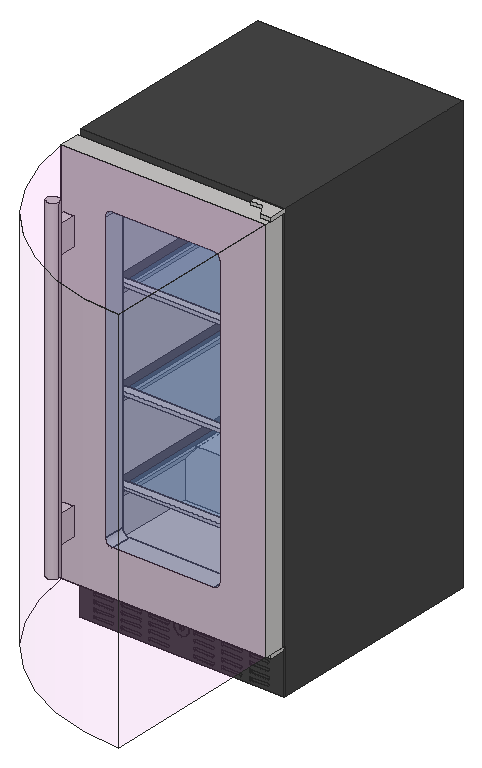
Revit family "QF_Summit_ASDG1521_ADA_Compliant_Beverage_Center", category Specialty Equipment, Revit 2020
Family settings
  Round Connector Dimension = Use Diameter
  Part Type = Normal
  Work Plane-Based = No
  Always vertical = Yes
  Cut with Voids When Loaded = No
  Shared = No
  Room Calculation Point = No
Parameters
  Weight in Pounds = 68
  Watts = if(Phase = 3, Volts * FL Amps * 1.73, Volts * FL Amps)  # 115 W
  Volts = 115 V
  URL Cutsheet = ""
  Specification by User = ""
  Specification by Manufacturer = ""
  Show RHD [instance] = yes
  Show LHD [instance] = not(Show RHD)  # no
  Show Kickplate Extension [instance] = no
  Show Feet [instance] = not(Show Kickplate Extension)  # yes
  Show Clearance [instance] = yes
  Serial Number = ""
  Seismic Rating = ""
  SMACNA No = ""
  Revision Code = ""
  Phase = 1
  Number of Poles = 1
  NAFEM Spec ID Number = ""
  Model = "ASDG1521"
  Min Ckt Ampacity = 0 A
  Max Overcurrent Protection = 0 A
  Masterspec = ""
  Manufacturer = "Summit"
  Length = 14 3/4"
  Item Number = ""
  Installed By = ""
  Identify Quantity as Lot = yes
  Height = 32"
  HP = ""
  Furnished By = ""
  Foodservice Equipment Identifier = yes
  FL Amps = 1 A
  Electrical Remarks = ""
  Electric Connection Type = ""
  Elec Conn RI Height = 0"
  Elec Conn Connection Height = 0"
  Description = "ADA Compliant Beverage Center"
  Depth = 17 3/4"
  Default Elevation = 0"
  Cycle = 60 Hz
  Conn Plug = ""
  Conn Conduit = yes
  CSI MasterFormat = ""
  Base Height [instance] = if(Show Feet, 1/2", if(Show Kickplate Extension, 2", 1/2"))  # 1/2"
  Apparent Power = if(Phase = 3, Volts * FL Amps * 1.73, Volts * FL Amps)  # 115 VA
Reference planes (in)
  plane 1 "BACK": y = 0
  plane 2: z = 0
  plane 3 "LEFT": x = 0
  plane 4 "RIGHT": x = 14.75
  plane 5 "FRONT": y = -17.75
  plane 6 "TOP": z = 32
  plane 7 "Center Y": x = 7.375
  plane 8 "Center X": y = -8.875
  plane 9 "Base Height": z = 0.5
  plane 10: y = -31
  plane 11: y = -16
  plane 12: y = -19.625
  plane 13: z = 3.75
Forms (in)
  Extrusion 1, solid, material "QF_Metal_Black"
    sketch origin (0, 0, 0.5) x (-1, 0, 0) y (0, -1, 0)
      loop
        line (0, 0) -> (0, 16) -> (-14.75, 16) -> (-14.75, 0) -> (0, 0)
    from 0 to 31.5
  Extrusion 2, solid, material "QF_Metal_Stainless_Polished"
    sketch origin (14.75, -16, 0.5) x (-1, 0, 0) y (0, 0, -1)
      loop
        line (14.75, -31.25) -> (14.75, -3.25) -> (0, -3.25) -> (0, -31.25) -> (14.75, -31.25)
      loop
        arc (3.25, -27.75) -> (3.39767, -28.10233) -> (3.75, -28.25) r 0.49827
        line (3.75, -28.25) -> (11, -28.24827)
        arc (11, -28.24827) -> (11.35233, -28.10233) -> (11.5, -27.75) r 0.49827
        line (11.5, -27.75) -> (11.5, -7)
        arc (11.5, -7) -> (11.35355, -6.64645) -> (11, -6.5) r 0.5
        line (11, -6.5) -> (3.75, -6.5)
        arc (3.75, -6.5) -> (3.39645, -6.64645) -> (3.25, -7) r 0.5
        line (3.25, -7) -> (3.25, -27.75)
    from 0.25 to 1.75
  Extrusion 3, void
    sketch origin (0, -0.11403, 0) x (0, 1, 0) y (0, 0, 1)
      loop
        line (-21.38597, 30) -> (-21.38597, 5.75) -> (-9.01097, 5.75) -> (-9.01097, 9.5) -> (-3.51097, 9.5) -> (-3.51097, 30) -> (-21.38597, 30)
    from 2 to 12.75
  Extrusion 4, solid, material "Glass"
    sketch origin (14.75, -17.75, 0.5) x (-1, 0, 0) y (0, 0, -1)
      loop
        arc (11.49927, -6.99995) -> (11.3529, -6.64659) -> (10.99954, -6.50023) r 0.49973
        line (10.99954, -6.50023) -> (3.75, -6.50023)
        arc (3.75, -6.50023) -> (3.39661, -6.64661) -> (3.25023, -7) r 0.49977
        line (3.25023, -7) -> (3.25023, -27.74984)
        arc (3.25023, -27.74984) -> (3.3965, -28.10299) -> (3.74965, -28.24927) r 0.49942
        line (3.74965, -28.24927) -> (11, -28.24927)
        arc (11, -28.24927) -> (11.35303, -28.10303) -> (11.49927, -27.75) r 0.49927
        line (11.49927, -27.75) -> (11.49927, -6.99995)
    from 0 to -1.5
  Extrusion 5, solid, material "QF_Metal_Black"
    sketch origin (14.75, -16, 0.5) x (-1, 0, 0) y (0, 0, -1)
      loop
        line (14.75, -3.25) -> (14.75, 0) -> (0, 0) -> (0, -3.25) -> (14.75, -3.25)
      loop
        arc (12.375, -2.768) -> (12.25, -2.893) -> (12.375, -3.018) r 0.125
        line (12.375, -3.018) -> (13.625, -3.018)
        arc (13.625, -3.018) -> (13.75, -2.893) -> (13.625, -2.768) r 0.125
        line (13.625, -2.768) -> (12.375, -2.768)
      loop
        arc (12.375, -2.264) -> (12.25, -2.389) -> (12.375, -2.514) r 0.125
        line (12.375, -2.514) -> (13.625, -2.514)
        arc (13.625, -2.514) -> (13.75, -2.389) -> (13.625, -2.264) r 0.125
        line (13.625, -2.264) -> (12.375, -2.264)
      loop
        arc (12.375, -1.76) -> (12.25, -1.885) -> (12.375, -2.01) r 0.125
        line (12.375, -2.01) -> (13.625, -2.01)
        arc (13.625, -2.01) -> (13.75, -1.885) -> (13.625, -1.76) r 0.125
        line (13.625, -1.76) -> (12.375, -1.76)
      loop
        arc (12.375, -1.258) -> (12.25, -1.383) -> (12.375, -1.508) r 0.125
        line (12.375, -1.508) -> (13.625, -1.508)
        arc (13.625, -1.508) -> (13.75, -1.383) -> (13.625, -1.258) r 0.125
        line (13.625, -1.258) -> (12.375, -1.258)
      loop
        arc (12.375, -0.754) -> (12.25, -0.879) -> (12.375, -1.004) r 0.125
        line (12.375, -1.004) -> (13.625, -1.004)
        arc (13.625, -1.004) -> (13.75, -0.879) -> (13.625, -0.754) r 0.125
        line (13.625, -0.754) -> (12.375, -0.754)
      loop
        arc (12.375, -0.25) -> (12.25, -0.375) -> (12.375, -0.5) r 0.125
        line (12.375, -0.5) -> (13.625, -0.5)
        arc (13.625, -0.5) -> (13.75, -0.375) -> (13.625, -0.25) r 0.125
        line (13.625, -0.25) -> (12.375, -0.25)
      loop
        arc (10.375, -2.768) -> (10.25, -2.893) -> (10.375, -3.018) r 0.125
        line (10.375, -3.018) -> (11.625, -3.018)
        arc (11.625, -3.018) -> (11.75, -2.893) -> (11.625, -2.768) r 0.125
        line (11.625, -2.768) -> (10.375, -2.768)
      loop
        arc (10.375, -2.264) -> (10.25, -2.389) -> (10.375, -2.514) r 0.125
        line (10.375, -2.514) -> (11.625, -2.514)
        arc (11.625, -2.514) -> (11.75, -2.389) -> (11.625, -2.264) r 0.125
        line (11.625, -2.264) -> (10.375, -2.264)
      loop
        arc (10.375, -1.76) -> (10.25, -1.885) -> (10.375, -2.01) r 0.125
        line (10.375, -2.01) -> (11.625, -2.01)
        arc (11.625, -2.01) -> (11.75, -1.885) -> (11.625, -1.76) r 0.125
        line (11.625, -1.76) -> (10.375, -1.76)
      loop
        arc (10.375, -1.258) -> (10.25, -1.383) -> (10.375, -1.508) r 0.125
        line (10.375, -1.508) -> (11.625, -1.508)
        arc (11.625, -1.508) -> (11.75, -1.383) -> (11.625, -1.258) r 0.125
        line (11.625, -1.258) -> (10.375, -1.258)
      loop
        arc (10.375, -0.754) -> (10.25, -0.879) -> (10.375, -1.004) r 0.125
        line (10.375, -1.004) -> (11.625, -1.004)
        arc (11.625, -1.004) -> (11.75, -0.879) -> (11.625, -0.754) r 0.125
        line (11.625, -0.754) -> (10.375, -0.754)
      loop
        arc (10.375, -0.25) -> (10.25, -0.375) -> (10.375, -0.5) r 0.125
        line (10.375, -0.5) -> (11.625, -0.5)
        arc (11.625, -0.5) -> (11.75, -0.375) -> (11.625, -0.25) r 0.125
        line (11.625, -0.25) -> (10.375, -0.25)
      loop
        arc (8.375, -2.768) -> (8.25, -2.893) -> (8.375, -3.018) r 0.125
        line (8.375, -3.018) -> (9.625, -3.018)
        arc (9.625, -3.018) -> (9.75, -2.893) -> (9.625, -2.768) r 0.125
        line (9.625, -2.768) -> (8.375, -2.768)
      loop
        arc (8.375, -2.264) -> (8.25, -2.389) -> (8.375, -2.514) r 0.125
        line (8.375, -2.514) -> (9.625, -2.514)
        arc (9.625, -2.514) -> (9.75, -2.389) -> (9.625, -2.264) r 0.125
        line (9.625, -2.264) -> (8.375, -2.264)
      loop
        arc (8.375, -1.76) -> (8.25, -1.885) -> (8.375, -2.01) r 0.125
        line (8.375, -2.01) -> (9.625, -2.01)
        arc (9.625, -2.01) -> (9.75, -1.885) -> (9.625, -1.76) r 0.125
        line (9.625, -1.76) -> (8.375, -1.76)
      loop
        arc (8.375, -1.258) -> (8.25, -1.383) -> (8.375, -1.508) r 0.125
        line (8.375, -1.508) -> (9.625, -1.508)
        arc (9.625, -1.508) -> (9.75, -1.383) -> (9.625, -1.258) r 0.125
        line (9.625, -1.258) -> (8.375, -1.258)
      loop
        arc (8.375, -0.754) -> (8.25, -0.879) -> (8.375, -1.004) r 0.125
        line (8.375, -1.004) -> (9.625, -1.004)
        arc (9.625, -1.004) -> (9.75, -0.879) -> (9.625, -0.754) r 0.125
        line (9.625, -0.754) -> (8.375, -0.754)
      loop
        arc (8.375, -0.25) -> (8.25, -0.375) -> (8.375, -0.5) r 0.125
        line (8.375, -0.5) -> (9.625, -0.5)
        arc (9.625, -0.5) -> (9.75, -0.375) -> (9.625, -0.25) r 0.125
        line (9.625, -0.25) -> (8.375, -0.25)
      loop
        arc (5.125, -2.768) -> (5, -2.893) -> (5.125, -3.018) r 0.125
        line (5.125, -3.018) -> (6.375, -3.018)
        arc (6.375, -3.018) -> (6.5, -2.893) -> (6.375, -2.768) r 0.125
        line (6.375, -2.768) -> (5.125, -2.768)
      loop
        arc (5.125, -2.264) -> (5, -2.389) -> (5.125, -2.514) r 0.125
        line (5.125, -2.514) -> (6.375, -2.514)
        arc (6.375, -2.514) -> (6.5, -2.389) -> (6.375, -2.264) r 0.125
        line (6.375, -2.264) -> (5.125, -2.264)
      loop
        arc (5.125, -1.76) -> (5, -1.885) -> (5.125, -2.01) r 0.125
        line (5.125, -2.01) -> (6.375, -2.01)
        arc (6.375, -2.01) -> (6.5, -1.885) -> (6.375, -1.76) r 0.125
        line (6.375, -1.76) -> (5.125, -1.76)
      loop
        arc (5.125, -1.258) -> (5, -1.383) -> (5.125, -1.508) r 0.125
        line (5.125, -1.508) -> (6.375, -1.508)
        arc (6.375, -1.508) -> (6.5, -1.383) -> (6.375, -1.258) r 0.125
        line (6.375, -1.258) -> (5.125, -1.258)
      loop
        arc (5.125, -0.754) -> (5, -0.879) -> (5.125, -1.004) r 0.125
        line (5.125, -1.004) -> (6.375, -1.004)
        arc (6.375, -1.004) -> (6.5, -0.879) -> (6.375, -0.754) r 0.125
        line (6.375, -0.754) -> (5.125, -0.754)
      loop
        arc (5.125, -0.25) -> (5, -0.375) -> (5.125, -0.5) r 0.125
        line (5.125, -0.5) -> (6.375, -0.5)
        arc (6.375, -0.5) -> (6.5, -0.375) -> (6.375, -0.25) r 0.125
        line (6.375, -0.25) -> (5.125, -0.25)
      loop
        arc (3.125, -2.768) -> (3, -2.893) -> (3.125, -3.018) r 0.125
        line (3.125, -3.018) -> (4.375, -3.018)
        arc (4.375, -3.018) -> (4.5, -2.893) -> (4.375, -2.768) r 0.125
        line (4.375, -2.768) -> (3.125, -2.768)
      loop
        arc (3.125, -2.264) -> (3, -2.389) -> (3.125, -2.514) r 0.125
        line (3.125, -2.514) -> (4.375, -2.514)
        arc (4.375, -2.514) -> (4.5, -2.389) -> (4.375, -2.264) r 0.125
        line (4.375, -2.264) -> (3.125, -2.264)
      loop
        arc (3.125, -1.76) -> (3, -1.885) -> (3.125, -2.01) r 0.125
        line (3.125, -2.01) -> (4.375, -2.01)
        arc (4.375, -2.01) -> (4.5, -1.885) -> (4.375, -1.76) r 0.125
        line (4.375, -1.76) -> (3.125, -1.76)
      loop
        arc (3.125, -1.258) -> (3, -1.383) -> (3.125, -1.508) r 0.125
        line (3.125, -1.508) -> (4.375, -1.508)
        arc (4.375, -1.508) -> (4.5, -1.383) -> (4.375, -1.258) r 0.125
        line (4.375, -1.258) -> (3.125, -1.258)
      loop
        arc (3.125, -0.754) -> (3, -0.879) -> (3.125, -1.004) r 0.125
        line (3.125, -1.004) -> (4.375, -1.004)
        arc (4.375, -1.004) -> (4.5, -0.879) -> (4.375, -0.754) r 0.125
        line (4.375, -0.754) -> (3.125, -0.754)
      loop
        arc (3.125, -0.25) -> (3, -0.375) -> (3.125, -0.5) r 0.125
        line (3.125, -0.5) -> (4.375, -0.5)
        arc (4.375, -0.5) -> (4.5, -0.375) -> (4.375, -0.25) r 0.125
        line (4.375, -0.25) -> (3.125, -0.25)
      loop
        arc (1.125, -2.768) -> (1, -2.893) -> (1.125, -3.018) r 0.125
        line (1.125, -3.018) -> (2.375, -3.018)
        arc (2.375, -3.018) -> (2.5, -2.893) -> (2.375, -2.768) r 0.125
        line (2.375, -2.768) -> (1.125, -2.768)
      loop
        arc (1.125, -2.264) -> (1, -2.389) -> (1.125, -2.514) r 0.125
        line (1.125, -2.514) -> (2.375, -2.514)
        arc (2.375, -2.514) -> (2.5, -2.389) -> (2.375, -2.264) r 0.125
        line (2.375, -2.264) -> (1.125, -2.264)
      loop
        arc (1.125, -1.76) -> (1, -1.885) -> (1.125, -2.01) r 0.125
        line (1.125, -2.01) -> (2.375, -2.01)
        arc (2.375, -2.01) -> (2.5, -1.885) -> (2.375, -1.76) r 0.125
        line (2.375, -1.76) -> (1.125, -1.76)
      loop
        arc (1.125, -1.258) -> (1, -1.383) -> (1.125, -1.508) r 0.125
        line (1.125, -1.508) -> (2.375, -1.508)
        arc (2.375, -1.508) -> (2.5, -1.383) -> (2.375, -1.258) r 0.125
        line (2.375, -1.258) -> (1.125, -1.258)
      loop
        arc (1.125, -0.754) -> (1, -0.879) -> (1.125, -1.004) r 0.125
        line (1.125, -1.004) -> (2.375, -1.004)
        arc (2.375, -1.004) -> (2.5, -0.879) -> (2.375, -0.754) r 0.125
        line (2.375, -0.754) -> (1.125, -0.754)
      loop
        arc (1.125, -0.25) -> (1, -0.375) -> (1.125, -0.5) r 0.125
        line (1.125, -0.5) -> (2.375, -0.5)
        arc (2.375, -0.5) -> (2.5, -0.375) -> (2.375, -0.25) r 0.125
        line (2.375, -0.25) -> (1.125, -0.25)
      loop
        circle (7.375, -1.885) r 0.5625
    from 0 to 0.0625
  Extrusion 6, solid, material "QF_Rubber - Black - Smooth"
    sketch origin (14.75, -16, 0.5) x (-1, 0, 0) y (0, 0, -1)
      loop
        line (14.5625, -3.4375) -> (0.1875, -3.4375) -> (0.1875, -31.0625) -> (14.5625, -31.0625) -> (14.5625, -3.4375)
      loop
        line (13.5625, -4.4375) -> (1.1875, -4.4375) -> (1.1875, -30.0625) -> (13.5625, -30.0625) -> (13.5625, -4.4375)
    from 0 to 0.25
  Extrusion 7, solid, material "QF_Metal - Stainless - Polished", visible <- "Show RHD"
    sketch origin (0, 0, 32) x (-1, 0, 0) y (0, -1, 0)
      loop
        line (-14.75, 16) -> (-12.625, 16) -> (-12.625, 16.4375) -> (-13.5, 16.4375) -> (-14, 17.25) -> (-14.75, 17.25) -> (-14.75, 16)
    from 0 to -0.25
  Extrusion 8, solid, material "QF_Metal - Stainless - Polished", visible <- "Show RHD"
    sketch origin (-5.70957, -180, 3.75) x (-1, 0, 0) y (0, -1, 0)
      loop
        line (-20.45957, -164) -> (-18.33457, -164) -> (-18.33457, -163.5625) -> (-19.20957, -163.5625) -> (-19.70957, -162.75) -> (-20.45957, -162.75) -> (-20.45957, -164)
    from 0 to -0.25
  Extrusion 9, solid, material "QF_Metal_Black"
    sketch origin (14.75, -16.0625, 0.5) x (-1, 0, 0) y (0, 0, -1)
      loop
        circle (7.375, -1.885) r 0.5
      loop
        arc (7.39929, -2.07097) -> (7.56261, -1.88507) -> (7.39929, -1.69917) r 0.18746
        line (7.39929, -1.69917) -> (7.39929, -2.07097)
      loop
        line (7.34982, -2.07069) -> (7.34982, -1.69923)
        arc (7.34982, -1.69923) -> (7.1877, -1.88496) -> (7.34982, -2.07069) r 0.18745
    from -0.0625 to 0
  Extrusion 10, solid, material "QF_Rubber - Black - Smooth"
    sketch origin (0, 0, 0.5) x (1, 0, 0) y (0, 0, -1)
      loop
        circle (14.00256, -1) r 0.25
    from 0 to 0.0625
  Extrusion 11, solid, material "QF_Metal - Stainless - Polished", visible <- "Show RHD"
    sketch origin (0, 0, 0.5) x (-1, 0, 0) y (0, -1, 0)
      loop
        circle (-0.56375, 19.18625) r 0.43625
    from 4.25 to 28.5
  Extrusion 12, solid, material "QF_Metal - Stainless - Polished", visible <- "Show RHD"
    sketch origin (14.37375, -17.75, 0.5) x (-1, 0, 0) y (0, 0, -1)
      loop
        line (13.44, -25) -> (13.44, -27) -> (14.19, -27) -> (14.19, -25) -> (13.44, -25)
      loop
        line (13.43875, -8.25) -> (14.18875, -8.25) -> (14.18563, -6.25) -> (13.43813, -6.25) -> (13.43875, -8.25)
    from 0 to 1.43625
  Extrusion 13, solid, material "QF_Metal_Black"
    sketch origin (14.75, -16, 0.5) x (-1, 0, 0) y (0, 0, -1)
      loop
        line (12.75, -29.5) -> (12.75, -27.75) -> (2, -27.75) -> (2, -29.5) -> (12.75, -29.5)
    from 0 to -0.25
  Revolve 14, solid, material "QF_Metal - Stainless - Polished", visible <- "Show Feet"
    sketch origin (0, -1.6875, 0) x (1, 0, 0) y (0, 0, 1)
      loop
        line (13.04811, 0.5) -> (12.86061, 0.5) -> (12.86061, 0.375) -> (12.48213, 0.375)
        arc (12.48213, 0.375) -> (12.44398, 0.35732) -> (12.43281, 0.31678) r 0.05
        line (12.43281, 0.31678) -> (12.47865, 0.04178)
        arc (12.47865, 0.04178) -> (12.49565, 0.01185) -> (12.52797, 0) r 0.05
        line (12.52797, 0) -> (13.04811, 0) -> (13.04811, 0.5)
      axis (13.04811, 0) -> (13.04811, 0.5)
    angle from 0 to 360
  Revolve 15, solid, material "QF_Metal - Stainless - Polished", visible <- "Show Feet"
    sketch origin (0, -14.3125, 0) x (1, 0, 0) y (0, 0, 1)
      loop
        line (13.04811, 0.5) -> (12.86061, 0.5) -> (12.86061, 0.375) -> (12.48213, 0.375)
        arc (12.48213, 0.375) -> (12.44398, 0.35732) -> (12.43281, 0.31678) r 0.05
        line (12.43281, 0.31678) -> (12.47865, 0.04178)
        arc (12.47865, 0.04178) -> (12.49565, 0.01185) -> (12.52797, 0) r 0.05
        line (12.52797, 0) -> (13.04811, 0) -> (13.04811, 0.5)
      axis (13.04811, 0) -> (13.04811, 0.5)
    angle from 0 to 360
  Revolve 16, solid, material "QF_Metal - Stainless - Polished", visible <- "Show Feet"
    sketch origin (-11.29811, -1.6875, 0) x (1, 0, 0) y (0, 0, 1)
      loop
        line (13.04811, 0.5) -> (12.86061, 0.5) -> (12.86061, 0.375) -> (12.48213, 0.375)
        arc (12.48213, 0.375) -> (12.44398, 0.35732) -> (12.43281, 0.31678) r 0.05
        line (12.43281, 0.31678) -> (12.47865, 0.04178)
        arc (12.47865, 0.04178) -> (12.49565, 0.01185) -> (12.52797, 0) r 0.05
        line (12.52797, 0) -> (13.04811, 0) -> (13.04811, 0.5)
      axis (13.04811, 0) -> (13.04811, 0.5)
    angle from 0 to 360
  Revolve 17, solid, material "QF_Metal - Stainless - Polished", visible <- "Show Feet"
    sketch origin (-11.29811, -14.3125, 0) x (1, 0, 0) y (0, 0, 1)
      loop
        line (13.04811, 0.5) -> (12.86061, 0.5) -> (12.86061, 0.375) -> (12.48213, 0.375)
        arc (12.48213, 0.375) -> (12.44398, 0.35732) -> (12.43281, 0.31678) r 0.05
        line (12.43281, 0.31678) -> (12.47865, 0.04178)
        arc (12.47865, 0.04178) -> (12.49565, 0.01185) -> (12.52797, 0) r 0.05
        line (12.52797, 0) -> (13.04811, 0) -> (13.04811, 0.5)
      axis (13.04811, 0) -> (13.04811, 0.5)
    angle from 0 to 360
  Extrusion 18, solid, material "QF_Clearances_Door_Drawer", visible <- "Show RHD"
    sketch origin (0, 0, 0.5) x (-1, 0, 0) y (0, -1, 0)
      loop
        arc (-0.07647, 17.75) -> (-4.86472, 27.19732) -> (-14.75, 31) r 14.75
        line (-14.75, 31) -> (-14.75, 17.75) -> (-0.07647, 17.75)
    from 3.25 to 31.25
  Extrusion 19, solid, material "QF_Metal - Stainless - Polished"
    sketch origin (0, -3.625, 30) x (0, 0, -1) y (1, 0, 0)
      loop
        line (7.375, 2) -> (8.49343, 2) -> (7.6049, 2.75) -> (7.375, 2.75) -> (7.375, 2)
      loop
        line (14.375, 2) -> (15.49343, 2) -> (14.6049, 2.75) -> (14.375, 2.75) -> (14.375, 2)
      loop
        line (20.5, 2) -> (21.61843, 2) -> (20.7299, 2.75) -> (20.5, 2.75) -> (20.5, 2)
      loop
        line (7.375, 12.75) -> (7.375, 12) -> (7.6049, 12) -> (8.49343, 12.75) -> (7.375, 12.75)
      loop
        line (14.375, 12.75) -> (14.375, 12) -> (14.6049, 12) -> (15.49343, 12.75) -> (14.375, 12.75)
      loop
        line (20.5, 12.75) -> (20.5, 12) -> (20.7299, 12) -> (21.61843, 12.75) -> (20.5, 12.75)
    from 0 to 12
  Extrusion 20, solid, material "QF_Metal_Black"
    sketch origin (0, -3.625, 30) x (0, 0, -1) y (1, 0, 0)
      loop
        circle (3.99969, 7.375) r 1.96477
      loop
        circle (3.99969, 7.375) r 1.90227
      loop
        circle (3.99969, 7.41023) r 1.625
      loop
        circle (3.99969, 7.41023) r 1.25
      loop
        circle (3.99969, 7.41023) r 0.875
      loop
        circle (3.99969, 7.41023) r 0.5
      loop
        circle (3.99969, 7.41023) r 1.5625
      loop
        circle (3.99969, 7.41023) r 1.1875
      loop
        circle (3.99969, 7.41023) r 0.8125
    from 0.125 to 0.25
  Extrusion 21, solid, material "QF_Metal_Black"
    sketch origin (0, -3.625, 30) x (0, 0, -1) y (1, 0, 0)
      loop
        arc (3.50791, 7.31995) -> (3.05061, 6.88738) -> (2.99599, 6.26028) r 0.88604
        arc (2.99599, 6.26028) -> (3.28366, 5.90563) -> (3.73889, 5.86965) r 0.57918
        arc (3.73889, 5.86965) -> (3.92804, 6.09061) -> (3.82424, 6.36231) r 0.28455
        arc (3.82424, 6.36231) -> (3.67217, 6.57301) -> (3.65323, 6.83216) r 0.47652
        arc (3.65323, 6.83216) -> (3.68313, 6.91495) -> (3.73523, 6.9859) r 0.30803
        arc (3.73523, 6.9859) -> (3.97538, 6.91083) -> (4.22168, 6.96222) r 0.5
        arc (4.22168, 6.96222) -> (4.80298, 6.68934) -> (5.41594, 6.88079) r 0.88604
        arc (5.41594, 6.88079) -> (5.63166, 7.28327) -> (5.4887, 7.71697) r 0.57918
        arc (5.4887, 7.71697) -> (5.21177, 7.80589) -> (5.00138, 7.60505) r 0.28455
        arc (5.00138, 7.60505) -> (4.86594, 7.3833) -> (4.6343, 7.26557) r 0.47652
        arc (4.6343, 7.26557) -> (4.55704, 7.2603) -> (4.48091, 7.27447) r 0.30803
        arc (4.48091, 7.27447) -> (4.49497, 7.34171) -> (4.49969, 7.41023) r 0.5
        arc (4.49969, 7.41023) -> (4.44074, 7.64576) -> (4.27781, 7.82575) r 0.5
        arc (4.27781, 7.82575) -> (4.21448, 8.43492) -> (3.77116, 8.85749) r 0.88604
        arc (3.77116, 8.85749) -> (3.31451, 8.85901) -> (2.9987, 8.52917) r 0.57918
        arc (2.9987, 8.52917) -> (3.0502, 8.24291) -> (3.3263, 8.15144) r 0.28455
        arc (3.3263, 8.15144) -> (3.58568, 8.13596) -> (3.79838, 7.9867) r 0.47652
        arc (3.79838, 7.9867) -> (3.82984, 7.93982) -> (3.85221, 7.88799) r 0.30803
        arc (3.85221, 7.88799) -> (3.5721, 7.66941) -> (3.50791, 7.31995) r 0.5
    from 0 to 0.0625
  Extrusion 22, solid, material "QF_Metal - Stainless - Polished", visible <- "Show LHD"
    sketch origin (14.75, 0, 32) x (1, 0, 0) y (0, 1, 0)
      loop
        line (-14.75, -16) -> (-14.75, -17.25) -> (-14, -17.25) -> (-13.5, -16.4375) -> (-12.625, -16.4375) -> (-12.625, -16) -> (-14.75, -16)
    from 0 to -0.25
  Extrusion 23, solid, material "QF_Metal - Stainless - Polished", visible <- "Show LHD"
    sketch origin (20.45957, -180, 3.75) x (1, 0, 0) y (0, 1, 0)
      loop
        line (-20.45957, 164) -> (-20.45957, 162.75) -> (-19.70957, 162.75) -> (-19.20957, 163.5625) -> (-18.33457, 163.5625) -> (-18.33457, 164) -> (-20.45957, 164)
    from 0 to -0.25
  Extrusion 24, solid, material "QF_Metal - Stainless - Polished", visible <- "Show LHD"
    sketch origin (14.75, 0, 0.5) x (1, 0, 0) y (0, 1, 0)
      loop
        circle (-0.56375, -19.18625) r 0.43625
    from 4.25 to 28.5
  Extrusion 25, solid, material "QF_Metal - Stainless - Polished", visible <- "Show LHD"
    sketch origin (0.37625, -17.75, 0.5) x (1, 0, 0) y (0, 0, 1)
      loop
        line (13.44, 25) -> (14.19, 25) -> (14.19, 27) -> (13.44, 27) -> (13.44, 25)
      loop
        line (13.43875, 8.25) -> (13.43813, 6.25) -> (14.18563, 6.25) -> (14.18875, 8.25) -> (13.43875, 8.25)
    from 0 to 1.43625
  Extrusion 26, solid, material "QF_Clearances_Door_Drawer", visible <- "Show LHD"
    sketch origin (14.75, 0, 0.5) x (1, 0, 0) y (0, 1, 0)
      loop
        line (-0.07647, -17.75) -> (-14.75, -17.75) -> (-14.75, -31)
        arc (-14.75, -31) -> (-4.86472, -27.19732) -> (-0.07647, -17.75) r 14.75
    from 3.25 to 31.25
Cuts and joins
  Extrusion 3 cuts Extrusion 1
  joined: Extrusion 11, Extrusion 12
Lines and regions (in)
  symbolic lines
    curve 1: line (0, 0, 0.5) -> (14.75, 0, 0.5)
    curve 2: line (0, -16, 0.5) -> (0, 0, 0.5)
    curve 3: line (14.75, -16, 0.5) -> (0, -16, 0.5)
    curve 4: line (14.75, 0, 0.5) -> (14.75, -16, 0.5)
  symbolic lines, visible <- "Show RHD"
    curve 5: line (0, -16.25, 0.5) -> (12.625, -16.25, 0.5)
    curve 6: line (0, -17.75, 0.5) -> (0, -16.25, 0.5)
    curve 7: line (14.75, -17.75, 0.5) -> (0, -17.75, 0.5)
    curve 8: line (12.625, -16, 0.5) -> (12.625, -16.4375, 0.5)
    curve 9: line (12.625, -16.4375, 0.5) -> (13.5, -16.4375, 0.5)
    curve 10: line (13.5, -16.4375, 0.5) -> (14, -17.25, 0.5)
    curve 11: line (14, -17.25, 0.5) -> (14.75, -17.25, 0.5)
    curve 12: line (0.1875, -16, 0.5) -> (0.1875, -16.25, 0.5)
    curve 13: line (0.18375, -17.75, 0.5) -> (0.18375, -18.97197, 0.5)
    curve 14: line (0.93375, -17.75, 0.5) -> (0.93375, -18.95514, 0.5)
    curve 15: arc (1, -19.18625, 0.5) -> (0.56375, -18.75, 0.5) -> (0.1275, -19.18625, 0.5) r 0.43625
    curve 16: arc (0.1275, -19.18625, 0.5) -> (0.56375, -19.6225, 0.5) -> (1, -19.18625, 0.5) r 0.43625
    curve 29: line (14.75, -16, 0.5) -> (14.75, -17.75, 0.5)
  symbolic lines, style "QF_Clearances_Door_Drawer", visible <- "Show RHD"
    curve 17: arc (0.07647, -17.75, 0.5) -> (0.92911, -21.40222, 0.5) -> (2.67528, -24.72134, 0.5) r 14.75
    curve 18: line (14.75, -17.75, 0.5) -> (2.67528, -24.72134, 0.5)
  symbolic lines, visible <- "Show LHD"
    curve 19: line (2.125, -16, 0.5) -> (2.125, -16.4375, 0.5)
    curve 20: line (2.125, -16.4375, 0.5) -> (1.25, -16.4375, 0.5)
    curve 21: line (1.25, -16.4375, 0.5) -> (0.75, -17.25, 0.5)
    curve 22: line (0.75, -17.25, 0.5) -> (0, -17.25, 0.5)
    curve 23: line (14.56625, -17.75, 0.5) -> (14.56625, -18.97197, 0.5)
    curve 24: line (13.81625, -17.75, 0.5) -> (13.81625, -18.95514, 0.5)
    curve 25: arc (13.75, -19.18625, 0.5) -> (14.18625, -18.75, 0.5) -> (14.6225, -19.18625, 0.5) r 0.43625
    curve 26: arc (14.6225, -19.18625, 0.5) -> (14.18625, -19.6225, 0.5) -> (13.75, -19.18625, 0.5) r 0.43625
    curve 30: line (14.75, -16.25, 0.5) -> (2.125, -16.25, 0.5)
    curve 31: line (14.75, -17.75, 0.5) -> (14.75, -16.25, 0.5)
    curve 32: line (0, -17.75, 0.5) -> (14.75, -17.75, 0.5)
    curve 33: line (0, -16, 0.5) -> (0, -17.75, 0.5)
    curve 34: line (14.5625, -16, 0.5) -> (14.5625, -16.25, 0.5)
  symbolic lines, style "QF_Clearances_Door_Drawer", visible <- "Show LHD"
    curve 27: arc (14.67353, -17.75, 0.5) -> (13.82089, -21.40222, 0.5) -> (12.07472, -24.72134, 0.5) r 14.75
    curve 28: line (0, -17.75, 0.5) -> (12.07472, -24.72134, 0.5)
Dimensions and locks (in)
  equal spacing: plane 3 "LEFT", plane 7 "Center Y", plane 4 "RIGHT"
  "Length": plane 3 "LEFT" to plane 4 "RIGHT"
  equal spacing: plane 5 "FRONT", plane 8 "Center X", plane 1 "BACK"
  "Depth": plane 5 "FRONT" to plane 1 "BACK"
  plane 6 "TOP" to level = 32"
  "Base Height": plane 9 "Base Height" to level
  plane 10 to plane 1 "BACK" = 31"
  plane 11 to plane 1 "BACK" = 16"
  plane 12 to plane 5 "FRONT" = 1 7/8"
  plane 13 to plane 9 "Base Height" = 3 1/4"
  locked: plane 6 "TOP" to plane 9 "Base Height" at 31.5
  cut or joined group of Extrusion 1, Extrusion 3 to cut or joined group of Extrusion 1, Extrusion 3 = 10 3/4"
  cut or joined group of Extrusion 1, Extrusion 3 to Extrusion 19 = 12"
  aligned and locked: level to plane 2
Automatic sketch dimensions
  plane 1 "BACK" to Extrusion 1 sketch curve = 0"
  Extrusion 1 sketch curve to plane 4 "RIGHT" = 0"
  Extrusion 1 sketch curve to plane 3 "LEFT" = 0"
  Extrusion 1 sketch curve to plane 11 = 0"
  Extrusion 2 sketch curve to Extrusion 1 = 0"  (x2)
  Extrusion 2 sketch curve to Extrusion 1 = 3 1/4"
  Extrusion 2 sketch curve to Extrusion 2 sketch curve = 1/2"  (x3)
  Extrusion 1 to Extrusion 2 sketch curve = 3 3/4"  (x4)
  Extrusion 1 to Extrusion 2 sketch curve = 1/4"
  Extrusion 1 to Extrusion 2 sketch curve = 7"
  Extrusion 1 to Extrusion 2 sketch curve = 3 1/4"
  Extrusion 2 sketch curve to Extrusion 2 sketch curve = 0.00173"  (x3)
  Extrusion 2 sketch curve to Extrusion 2 sketch curve = 0"  (x4)
  Extrusion 3 sketch curve to plane 12 = 1 7/8"
  Extrusion 3 sketch curve to plane 8 "Center X" = 1/4"
  plane 1 "BACK" to Extrusion 3 sketch curve = 3 5/8"
  plane 13 to Extrusion 3 sketch curve = 2"
  Extrusion 3 sketch curve to Extrusion 3 sketch curve = 3 3/4"
  Extrusion 3 sketch curve to plane 6 "TOP" = 2"
  Extrusion 4 sketch curve to Extrusion 4 sketch curve = 0.49942"
  Extrusion 2 to Extrusion 4 sketch curve = 0.50046"
  Extrusion 5 sketch curve to Extrusion 5 sketch curve = 0"  (x56)
  Extrusion 5 sketch curve to Extrusion 1 = 0"  (x3)
  Extrusion 5 sketch curve to Extrusion 1 = 1 1/8"  (x2)
  Extrusion 1 to Extrusion 5 sketch curve = 1/4"  (x6)
  Extrusion 5 sketch curve to Extrusion 5 sketch curve = 1 1/4"  (x5)
  Extrusion 5 sketch curve to Extrusion 5 sketch curve = 3/4"  (x8)
  Extrusion 5 sketch curve to Extrusion 5 sketch curve = 1"  (x3)
  Extrusion 1 to Extrusion 5 sketch curve = 3/8"
  Extrusion 1 to Extrusion 5 sketch curve = 1 1/8"
  Extrusion 5 sketch curve to Extrusion 5 sketch curve = 1/4"  (x5)
  Extrusion 5 sketch curve to Extrusion 5 sketch curve = 0.254"  (x24)
  Extrusion 5 sketch curve to Extrusion 5 sketch curve = 1/8"  (x31)
  Extrusion 5 sketch curve to Extrusion 5 sketch curve = 0.252"  (x6)
  Extrusion 5 sketch curve to Extrusion 5 sketch curve = 0.232"
  Extrusion 5 sketch curve to Extrusion 5 sketch curve = 7/16"
  Extrusion 6 sketch curve to Extrusion 1 = 3/16"
  Extrusion 6 sketch curve to Extrusion 1 = 1 3/16"
  Extrusion 1 to Extrusion 6 sketch curve = 1 3/16"
  Extrusion 1 to Extrusion 6 sketch curve = 3/16"
  Extrusion 1 to Extrusion 6 sketch curve = 7/16"
  Extrusion 6 sketch curve to Extrusion 6 sketch curve = 1"  (x2)
  Extrusion 1 to Extrusion 6 sketch curve = 4 7/16"
  Extrusion 7 sketch curve to Extrusion 1 = 0"
  Extrusion 1 to Extrusion 7 sketch curve = 0"
  Extrusion 7 sketch curve to Extrusion 1 = 3/4"
  Extrusion 1 to Extrusion 7 sketch curve = 7/16"
  Extrusion 7 sketch curve to Extrusion 7 sketch curve = 1/2"
  Extrusion 7 sketch curve to Extrusion 7 sketch curve = 7/8"
  Extrusion 7 sketch curve to Extrusion 7 sketch curve = 1 1/4"
  Extrusion 8 sketch curve to plane 4 "RIGHT" = 0"
  Extrusion 8 sketch curve to plane 11 = 0"
  plane 4 "RIGHT" to Extrusion 8 sketch curve = 3/4"
  Extrusion 8 sketch curve to plane 11 = 7/16"
  Extrusion 8 sketch curve to Extrusion 8 sketch curve = 1/2"
  Extrusion 8 sketch curve to Extrusion 8 sketch curve = 7/8"
  Extrusion 8 sketch curve to plane 5 "FRONT" = 1/2"
  Extrusion 9 sketch curve to Extrusion 5 = 0.06069"
  Extrusion 9 sketch curve to Extrusion 9 sketch curve = 0.02518"
  Extrusion 9 sketch curve to Extrusion 9 sketch curve = 0.00015"
  Extrusion 9 sketch curve to Extrusion 9 sketch curve = 0"
  Extrusion 9 sketch curve to Extrusion 9 sketch curve = 0.04947"
  Extrusion 9 sketch curve to Extrusion 9 sketch curve = 0.00028"
  Extrusion 9 sketch curve to Extrusion 9 sketch curve = 0.00007"
  Extrusion 9 sketch curve to Extrusion 9 sketch curve = 0.00011"
  Extrusion 10 sketch curve to Extrusion 1 = 0.74744"
  Extrusion 1 to Extrusion 10 sketch curve = 1"
  Extrusion 12 sketch curve to Extrusion 2 = 1/4"
  Extrusion 12 sketch curve to Extrusion 2 = 0.93562"
  Extrusion 12 sketch curve to Extrusion 2 = 0.935"
  Extrusion 12 sketch curve to Extrusion 2 = 0.93375"
  Extrusion 12 sketch curve to Extrusion 2 = 0.18812"
  Extrusion 12 sketch curve to Extrusion 2 = 0.185"
  Extrusion 12 sketch curve to Extrusion 2 = 0.18375"
  Extrusion 2 to Extrusion 12 sketch curve = 1 3/4"
  Extrusion 2 to Extrusion 12 sketch curve = 3 1/4"
  Extrusion 2 to Extrusion 12 sketch curve = 1 1/4"
  Extrusion 13 sketch curve to Extrusion 1 = 2"
  Extrusion 1 to Extrusion 13 sketch curve = 2"  (x2)
  Extrusion 13 sketch curve to Extrusion 13 sketch curve = 1 3/4"
  Revolve 14 sketch curve to level = 0"
  Revolve 14 sketch curve to plane 9 "Base Height" = 0"  (x2)
  Revolve 14 sketch curve to plane 9 "Base Height" = 0.18322"
  plane 4 "RIGHT" to Revolve 14 sketch curve = 2.31719"
  level to Revolve 14 sketch curve = 0.04178"
  Revolve 14 sketch curve to Revolve 14 sketch curve = 0.04583"
  Revolve 14 sketch curve to Revolve 14 sketch curve = 0.04932"  (x2)
  Revolve 14 sketch curve to Revolve 14 sketch curve = 0.37848"
  Revolve 14 sketch curve to Revolve 14 sketch curve = 3/16"
  Revolve 14 sketch curve to Revolve 14 sketch curve = 0.00822"
  Revolve 14 sketch curve to Revolve 14 sketch curve = 0"
  Revolve 14 sketch curve to Revolve 14 sketch curve = 0.13117"
  Revolve 15 sketch curve to level = 0"
  Revolve 15 sketch curve to plane 9 "Base Height" = 0"  (x2)
  Revolve 15 sketch curve to plane 9 "Base Height" = 0.18322"
  plane 4 "RIGHT" to Revolve 15 sketch curve = 2.31719"
  level to Revolve 15 sketch curve = 0.04178"
  Revolve 15 sketch curve to Revolve 15 sketch curve = 0.04583"
  Revolve 15 sketch curve to Revolve 15 sketch curve = 0.04932"  (x2)
  Revolve 15 sketch curve to Revolve 15 sketch curve = 0.37848"
  Revolve 15 sketch curve to Revolve 15 sketch curve = 3/16"
  Revolve 15 sketch curve to Revolve 15 sketch curve = 0.00822"
  Revolve 15 sketch curve to Revolve 15 sketch curve = 0"
  Revolve 15 sketch curve to Revolve 15 sketch curve = 0.13117"
  Revolve 16 sketch curve to level = 0"
  Revolve 16 sketch curve to plane 9 "Base Height" = 0"  (x2)
  Revolve 16 sketch curve to plane 9 "Base Height" = 0.18322"
  plane 3 "LEFT" to Revolve 16 sketch curve = 1.1347"
  level to Revolve 16 sketch curve = 0.04178"
  Revolve 16 sketch curve to Revolve 16 sketch curve = 0.04583"
  Revolve 16 sketch curve to Revolve 16 sketch curve = 0.04932"  (x2)
  Revolve 16 sketch curve to Revolve 16 sketch curve = 0.37848"
  Revolve 16 sketch curve to Revolve 16 sketch curve = 3/16"
  Revolve 16 sketch curve to Revolve 16 sketch curve = 0.00822"
  Revolve 16 sketch curve to Revolve 16 sketch curve = 0"
  Revolve 16 sketch curve to Revolve 16 sketch curve = 0.13117"
  Revolve 17 sketch curve to level = 0"
  Revolve 17 sketch curve to plane 9 "Base Height" = 0"  (x2)
  Revolve 17 sketch curve to plane 9 "Base Height" = 0.18322"
  plane 3 "LEFT" to Revolve 17 sketch curve = 1.1347"
  level to Revolve 17 sketch curve = 0.04178"
  Revolve 17 sketch curve to Revolve 17 sketch curve = 0.04583"
  Revolve 17 sketch curve to Revolve 17 sketch curve = 0.04932"  (x2)
  Revolve 17 sketch curve to Revolve 17 sketch curve = 0.37848"
  Revolve 17 sketch curve to Revolve 17 sketch curve = 3/16"
  Revolve 17 sketch curve to Revolve 17 sketch curve = 0.00822"
  Revolve 17 sketch curve to Revolve 17 sketch curve = 0"
  Revolve 17 sketch curve to Revolve 17 sketch curve = 0.13117"
  Extrusion 18 sketch curve to plane 4 "RIGHT" = 0"
  plane 5 "FRONT" to Extrusion 18 sketch curve = 0"
  Extrusion 18 sketch curve to plane 10 = 0"
  plane 3 "LEFT" to Extrusion 18 sketch curve = 0.07647"
  Extrusion 19 sketch curve to Extrusion 3 = 0"  (x4)
  Extrusion 3 to Extrusion 19 sketch curve = 0"  (x4)
  Extrusion 3 to Extrusion 19 sketch curve = 5.00657"  (x2)
  Extrusion 3 to Extrusion 19 sketch curve = 3/4"  (x6)
  Extrusion 19 sketch curve to Extrusion 19 sketch curve = 0.88852"  (x4)
  Extrusion 19 sketch curve to Extrusion 19 sketch curve = 0.2299"  (x6)
  Extrusion 19 sketch curve to Extrusion 19 sketch curve = 5.88157"  (x2)
  Extrusion 19 sketch curve to Extrusion 19 sketch curve = 1.11843"  (x2)
  Extrusion 20 sketch curve to Extrusion 20 sketch curve = 0"  (x45)
  Extrusion 3 to Extrusion 20 sketch curve = 3.99969"
  Extrusion 3 to Extrusion 20 sketch curve = 5 3/8"
  Extrusion 20 sketch curve to Extrusion 20 sketch curve = 0.03523"
  Extrusion 21 sketch curve to Extrusion 21 sketch curve = 0"  (x22)
  Extrusion 3 to Extrusion 21 sketch curve = 3.26516"
  Extrusion 21 sketch curve to Extrusion 21 sketch curve = 0.154"
  Extrusion 21 sketch curve to Extrusion 21 sketch curve = 0.00952"
  Extrusion 21 sketch curve to Extrusion 21 sketch curve = 0.27591"
  Extrusion 21 sketch curve to Extrusion 21 sketch curve = 0.12453"
  Extrusion 21 sketch curve to Extrusion 21 sketch curve = 0.13072"
  Extrusion 21 sketch curve to Extrusion 21 sketch curve = 0.09446"
  Extrusion 21 sketch curve to Extrusion 21 sketch curve = 0.29523"
  Extrusion 21 sketch curve to Extrusion 21 sketch curve = 0.10649"
  Extrusion 21 sketch curve to Extrusion 21 sketch curve = 0.44029"
  Extrusion 21 sketch curve to Extrusion 21 sketch curve = 0.16503"
  Extrusion 21 sketch curve to Extrusion 21 sketch curve = 0.54271"
  Extrusion 21 sketch curve to Extrusion 21 sketch curve = 0.0325"
  Extrusion 21 sketch curve to Extrusion 21 sketch curve = 0.28836"
  Extrusion 21 sketch curve to Extrusion 21 sketch curve = 49/256"
  Extrusion 21 sketch curve to Extrusion 21 sketch curve = 0.2208"
  Extrusion 3 to Extrusion 21 sketch curve = 4.13918"
  Extrusion 21 sketch curve to Extrusion 21 sketch curve = 0.27908"
  Extrusion 21 sketch curve to Extrusion 21 sketch curve = 0.0837"
  Extrusion 21 sketch curve to Extrusion 21 sketch curve = 0.23402"
  Extrusion 21 sketch curve to Extrusion 21 sketch curve = 0.03401"
  Extrusion 21 sketch curve to Extrusion 21 sketch curve = 0.5975"
  Extrusion 21 sketch curve to Extrusion 21 sketch curve = 0.64024"
  Extrusion 21 sketch curve to Extrusion 21 sketch curve = 0.19508"
  Extrusion 21 sketch curve to Extrusion 21 sketch curve = 0.15758"
  Extrusion 21 sketch curve to Extrusion 21 sketch curve = 0.00552"
  Extrusion 21 sketch curve to Extrusion 21 sketch curve = 0.27581"
  Extrusion 21 sketch curve to Extrusion 21 sketch curve = 0.16533"
  Extrusion 21 sketch curve to Extrusion 21 sketch curve = 0.10631"
  Extrusion 21 sketch curve to Extrusion 21 sketch curve = 0.25201"
  Extrusion 21 sketch curve to Extrusion 21 sketch curve = 0.28161"
  Extrusion 21 sketch curve to Extrusion 21 sketch curve = 0.10337"
  Extrusion 21 sketch curve to Extrusion 21 sketch curve = 0.26646"
  Extrusion 21 sketch curve to Extrusion 21 sketch curve = 0.55722"
  Extrusion 21 sketch curve to Extrusion 21 sketch curve = 0.07923"
  Extrusion 21 sketch curve to Extrusion 21 sketch curve = 0.30169"
  Extrusion 21 sketch curve to Extrusion 21 sketch curve = 0.08199"
  Extrusion 21 sketch curve to Extrusion 21 sketch curve = 0.10173"
  Extrusion 21 sketch curve to Extrusion 21 sketch curve = 0.26459"
  Extrusion 21 sketch curve to Extrusion 21 sketch curve = 0.01878"
  Extrusion 1 to Extrusion 22 sketch curve = 0"
  Extrusion 1 to Extrusion 22 sketch curve = 1 1/4"
  Extrusion 22 sketch curve to Extrusion 1 = 14 3/4"
  Extrusion 22 sketch curve to Extrusion 22 sketch curve = 3/4"
  Extrusion 1 to Extrusion 22 sketch curve = 7/16"
  Extrusion 22 sketch curve to Extrusion 22 sketch curve = 1/2"
  Extrusion 22 sketch curve to Extrusion 22 sketch curve = 7/8"
  plane 11 to Extrusion 23 sketch curve = 0"
  Extrusion 23 sketch curve to plane 5 "FRONT" = 1/2"
  plane 4 "RIGHT" to Extrusion 23 sketch curve = 14 3/4"
  Extrusion 23 sketch curve to Extrusion 23 sketch curve = 3/4"
  Extrusion 23 sketch curve to plane 11 = 7/16"
  Extrusion 23 sketch curve to Extrusion 23 sketch curve = 1/2"
  Extrusion 23 sketch curve to Extrusion 23 sketch curve = 7/8"
  Extrusion 24 sketch curve to plane 12 = 0.43875"
  Extrusion 24 sketch curve to plane 4 "RIGHT" = 0.56375"
  Extrusion 25 sketch curve to Extrusion 2 = 1/4"
  Extrusion 25 sketch curve to Extrusion 2 = 0.93562"
  Extrusion 25 sketch curve to Extrusion 25 sketch curve = 0.00063"
  Extrusion 2 to Extrusion 25 sketch curve = 1 1/4"
  Extrusion 25 sketch curve to Extrusion 25 sketch curve = 0.00125"
  Extrusion 25 sketch curve to Extrusion 25 sketch curve = 0.7475"
  Extrusion 2 to Extrusion 25 sketch curve = 1 3/4"
  Extrusion 25 sketch curve to Extrusion 25 sketch curve = 3/4"  (x2)
  Extrusion 25 sketch curve to Extrusion 25 sketch curve = 2"
  Extrusion 26 sketch curve to plane 10 = 0"
  plane 5 "FRONT" to Extrusion 26 sketch curve = 0"
  Extrusion 26 sketch curve to plane 4 "RIGHT" = 14 3/4"
  Extrusion 26 sketch curve to Extrusion 26 sketch curve = 14.67353"
  curve 15 to curve 16 = 0"  (x2)
  curve 25 to curve 26 = 0"  (x2)
  curve 18 to plane 4 "RIGHT" = 0"
  curve 17 to plane 4 "RIGHT" = 0"
  plane 5 "FRONT" to curve 27 = 0"
  curve 34 to plane 11 = 0"
  curve 28 to plane 3 "LEFT" = 0"
  curve 27 to plane 3 "LEFT" = 0"
  plane 1 "BACK" to curve 1 = 0"
  plane 4 "RIGHT" to curve 26 = 0.56375"
  plane 4 "RIGHT" to curve 10 = 3/4"
  curve 10 to plane 11 = 7/16"
  curve 10 to curve 10 = 1/2"
  curve 9 to curve 9 = 7/8"
  plane 4 "RIGHT" to curve 28 = 2.67528"
  plane 3 "LEFT" to curve 18 = 2.67528"
  curve 19 to plane 11 = 7/16"
  plane 3 "LEFT" to curve 19 = 2 1/8"
  curve 19 to curve 21 = 7/8"
  plane 3 "LEFT" to curve 21 = 3/4"
  plane 3 "LEFT" to curve 15 = 0.56375"
  curve 31 to plane 11 = 1/4"
  curve 27 to plane 11 = 1/4"
  curve 5 to curve 27 = 0"
  curve 17 to curve 30 = 0"
  curve 22 to plane 5 "FRONT" = 1/2"
  curve 10 to plane 5 "FRONT" = 1/2"
  plane 12 to curve 26 = 0.43875"
  plane 12 to curve 15 = 0.43875"
  curve 28 to plane 12 = 5.09634"
  curve 18 to plane 12 = 5.09634"
  plane 4 "RIGHT" to curve 25 = 0.1275"
  curve 27 to curve 23 = 0.10728"
  plane 4 "RIGHT" to curve 34 = 3/16"
  curve 10 to curve 24 = 0.18375"
  curve 16 to curve 15 = 0.43625"
  curve 15 to curve 14 = 0.06625"
  plane 3 "LEFT" to curve 12 = 3/16"
  plane 3 "LEFT" to curve 13 = 0.18375"
  radius of Extrusion 2 to Extrusion 4 sketch curve = 0.00099"
  radius of Extrusion 4 sketch curve to Extrusion 2 = 0.00023"
  radius of Extrusion 9 sketch curve to Extrusion 5 = 1/16"
  radius of Extrusion 10 sketch curve = 1/4"
  radius of Extrusion 20 sketch curve = 1.96477"
  radius of Extrusion 20 sketch curve = 1.90227"
  radius of Extrusion 20 sketch curve = 1 5/8"
  radius of Extrusion 20 sketch curve = 1 1/4"
  radius of Extrusion 20 sketch curve = 7/8"
  radius of Extrusion 20 sketch curve = 1/2"
  radius of Extrusion 20 sketch curve = 1 9/16"
  radius of Extrusion 20 sketch curve = 1 3/16"
  radius of Extrusion 20 sketch curve = 13/16"
  radius of Extrusion 24 sketch curve = 0.43625"
Nested families (in)
  nested 1: "ASDG1521_Shelf" at (0.37734, 0.74623, -3.34683), type "ASDG1521_Shelf"
    with Show Logo yes
  nested 2: "ASDG1521_Shelf" at (0.37734, 0.74623, 2.77817), type "ASDG1521_Shelf"
    with Show Logo yes
  nested 3: "ASDG1521_Shelf" at (0.37734, 0.74623, 9.77817), type "ASDG1521_Shelf"
    with Show Logo yes
Connectors (in)
  electrical at (14.00256, 0.0625, 1.5), driven by "Volts"
    settings: on Extrusion 10, index 1, voltage 115 V, apparent load 0 VA, apparent load phase1 0 VA, apparent load phase2 0 VA, apparent load phase3 0 VA, power factor 1, load classification "Other", number of poles 1, system type 30, power factor state 1, is connector primary yes, connector utility no, sub classification motor no, connector description "Electrical Connection"
Definition of nested family "ASDG1521_Shelf"
  Parameters (values of type "ASDG1521_Shelf")
    Show Logo [instance] = yes
    Lenght = 10 3/4"
    Height = 13.12527"
    Depth = 12"
    Default Elevation = 0"
  Reference planes (in)
    plane 1 "Center (Front/Back)": y = -4.38686
    plane 2: z = 0
    plane 3 "Center (Left/Right)": x = 1.62266
    plane 4: x = 12.37266
    plane 5: y = -16.38686
    plane 6: y = -10.38686
    plane 7: x = 6.99766
    plane 8 "Top": z = 13.12527
  Forms (in)
    Extrusion 1, solid
      sketch origin (-0.37734, -0.76186, -2.24692) x (-1, 0, 0) y (0, -1, 0)
        loop
          line (-2.75, 4.5) -> (-2.75, 15.09709) -> (-12, 15.09709) -> (-12, 4.5) -> (-2.75, 4.5)
      from 15.125 to 15.37219
    Extrusion 2, solid
      sketch origin (-0.37734, -12.23394, -2.24692) x (-1, 0, 0) y (0, -1, 0)
        loop
          line (-2, 3.625) -> (-2, 4.15291) -> (-12.75, 4.15291) -> (-12.75, 3.625) -> (-2, 3.625)
      from 15.37219 to 15.125
    Extrusion 3, solid
      sketch origin (-0.37734, -7.98394, -2.24692) x (-1, 0, 0) y (0, -1, 0)
        loop
          line (-2, -3.59709) -> (-2, 7.875) -> (-2.75, 7.875) -> (-2.75, -2.72209) -> (-12, -2.72209) -> (-12, 7.875) -> (-12.75, 7.875) -> (-12.75, -3.59709) -> (-2, -3.59709)
      from 15.37219 to 15.125
  Dimensions and locks (in)
    plane 4 to plane 3 "Center (Left/Right)" = 10 3/4"
    equal spacing: plane 3 "Center (Left/Right)", plane 7, plane 4
    "Lenght": plane 3 "Center (Left/Right)" to plane 4
    equal spacing: plane 5, plane 6, plane 1 "Center (Front/Back)"
    "Depth": plane 5 to plane 1 "Center (Front/Back)"
    "Height": plane 8 "Top" to level
    aligned and locked: level to plane 2
    aligned and locked: Extrusion 2 to Extrusion 1
    aligned and locked: Extrusion 1 to Extrusion 2
  Automatic sketch dimensions
    Extrusion 1 sketch curve to plane 4 = 3/4"
    plane 3 "Center (Left/Right)" to Extrusion 1 sketch curve = 3/4"
    plane 1 "Center (Front/Back)" to Extrusion 1 sketch curve = 7/8"
    plane 5 to Extrusion 1 sketch curve = 0.52791"
    Extrusion 2 sketch curve to plane 4 = 0"
    Extrusion 2 sketch curve to plane 3 "Center (Left/Right)" = 0"
    Extrusion 2 sketch curve to plane 5 = 0"
    Extrusion 2 sketch curve to Extrusion 2 sketch curve = 0.52791"
    plane 1 "Center (Front/Back)" to Extrusion 3 sketch curve = 0"
    Extrusion 3 sketch curve to plane 4 = 0"
    Extrusion 3 sketch curve to plane 3 "Center (Left/Right)" = 0"
    Extrusion 3 sketch curve to Extrusion 3 sketch curve = 3/4"
    plane 3 "Center (Left/Right)" to Extrusion 3 sketch curve = 3/4"
    plane 1 "Center (Front/Back)" to Extrusion 3 sketch curve = 7/8"
    plane 5 to Extrusion 3 sketch curve = 0.52791"  (x2)
